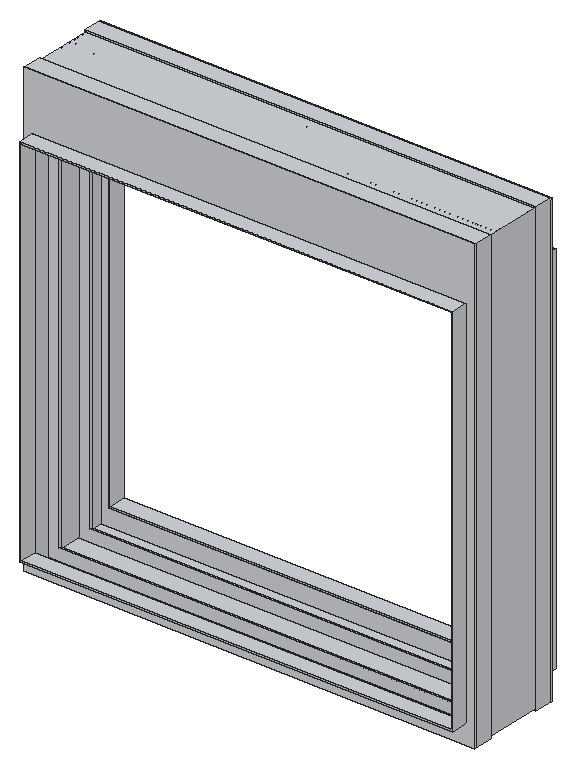
Revit family "FD-ACMH", category Mechanical Equipment, Revit 2015
Parameters
  URL = "https://unitedenertech.com/catalog/pdf/A-18%20%20FD-ACMH.pdf"
  Type Comments = "Max. Sizes are (1-1/2 Hour Rectangular or Oval, Vertical 118\"w x 114\"h, Horizontal 118\"w x 35\"h) (1-1/2 or 3 Hour Round Vertical 54\" Diameter, Horizontal 35\" Diameter) (3 Hour Rectangular or Oval Vertical or Horizontal 75\"w x 35\"h)"
  Model = "FD-ACMH"
  Manufacturer = "United Enertech Corporation"
  Keynote = "Rectangular Transitions Shown, Consult Factory for Models with Round or Oval Transitions"
  Duct Width [instance] = Damper Width - 0' 1"  # 1' - 11"
  Duct Height [instance] = Damper Height - 0' 1" - (if(Damper Height < 1' 10 1/4", 0' 2", if(Damper Height < 2' 11 1/4", 0' 3", if(Damper Height < 3' 10 1/4", 0' 4", if(Damper Height < 4' 0 1/4", 0' 5", 0' 5")))))  # 1' - 8"
  Damper Width = 2' - 0"
  Description = "Caulked Curtain Fire Damper for use in Static Systems"
  Damper Height = 2' - 0"
  Depth = 0' - 5"
  Blade Width [instance] = Damper Width - 0' 0 1/8"  # 1' - 11 7/8"
  Blade Pair Number [instance] = (Damper Height - 0' 0 9/128") / 0' 3 7/8"  # 6
  "B" = if(Damper Height < 1' 10 1/4", 0' 2", if(Damper Height < 2' 11 1/4", 0' 3", if(Damper Height < 3' 10 1/4", 0' 4", if(Damper Height < 4' 0 1/4", 0' 5", 0' 5"))))  # 0' - 3"
Reference planes (in)
  plane 1 "Center (Front/Back)": y = 0
  plane 2: z = 0
  plane 3 "Center (Left/Right)": x = 0
  plane 4: x = -12
  plane 5: x = 12
  plane 6: y = -2.5
  plane 7: y = 2.5
  plane 8: z = 24
  plane 9: x = -11.9641
  plane 10: x = 11.9641
  plane 11: z = 0.0359
  plane 12: z = 23.9641
  plane 13: y = 1.09375
  plane 14: y = -1.09375
  plane 15: y = -0.96875
  plane 16: y = 0.96875
  plane 17: z = 0.6609
  plane 18: x = -11.3391
  plane 19: x = 11.3391
  plane 20: z = 23.3391
  plane 21: z = 21
  plane 22: z = 21.0359
  plane 23: x = -0.25
  plane 24: x = 0.25
  plane 25: z = 12
Forms (in)
  Extrusion 1, solid
    sketch origin (0, 0, 0) x (1, 0, 0) y (0, 0, 1)
      loop
        line (-11.9641, 23.9641) -> (-11.9641, 0.0359) -> (11.9641, 0.0359) -> (11.9641, 23.9641) -> (-11.9641, 23.9641)
      loop
        line (-12, 24) -> (-12, 0) -> (12, 0) -> (12, 24) -> (-12, 24)
    from -2.5 to 2.5
  Extrusion 2, solid
    sketch origin (0, 0, 0) x (1, 0, 0) y (0, 0, 1)
      loop
        line (-11.3391, 23.3391) -> (-11.3391, 0.6609) -> (11.3391, 0.6609) -> (11.3391, 23.3391) -> (-11.3391, 23.3391)
      loop
        line (-11.9641, 23.9641) -> (-11.9641, 0.0359) -> (11.9641, 0.0359) -> (11.9641, 23.9641) -> (-11.9641, 23.9641)
    from 0.96875 to 1.09375
  Extrusion 3, solid
    sketch origin (0, 0, 0) x (1, 0, 0) y (0, 0, 1)
      loop
        line (-11.3391, 23.3391) -> (-11.3391, 0.6609) -> (11.3391, 0.6609) -> (11.3391, 23.3391) -> (-11.3391, 23.3391)
      loop
        line (-11.9641, 23.9641) -> (-11.9641, 0.0359) -> (11.9641, 0.0359) -> (11.9641, 23.9641) -> (-11.9641, 23.9641)
    from -1.09375 to -0.96875
  Extrusion 4, solid
    sketch origin (0, 0, 0) x (0, 1, 0) y (0, 0, 1)
      loop
        line (0.96875, 23.9641) -> (0.93285, 23.9641) -> (0.93285, 21) -> (1.43285, 21) -> (1.43285, 21.45) -> (1.39695, 21.45) -> (1.39695, 21.0359) -> (0.96875, 21.0359) -> (0.96875, 23.9641)
    from -0.25 to 0.25
  Extrusion 5, solid
    sketch origin (0, 0, 0) x (0, -1, 0) y (0, 0, -1)
      loop
        line (0.96875, -23.9641) -> (0.96875, -21.0359) -> (1.39695, -21.0359) -> (1.39695, -21.45) -> (1.43285, -21.45) -> (1.43285, -21) -> (0.93285, -21) -> (0.93285, -23.9641) -> (0.96875, -23.9641)
    from -0.25 to 0.25
Dimensions and locks (in)
  equal spacing: plane 4, plane 3 "Center (Left/Right)", plane 5
  "Damper Width": plane 4 to plane 5
  equal spacing: plane 7, plane 1 "Center (Front/Back)", plane 6
  "Depth": plane 7 to plane 6
  "Damper Height": plane 8 to level
  locked: plane 9 to plane 4 at 0.0359
  locked: plane 5 to plane 10 at 0.0359
  locked: plane 8 to plane 12 at 0.0359
  locked: plane 11 to level at 0.0359
  locked: plane 13 to plane 14 at 2.1875
  locked: plane 15 to plane 14 at 0.125
  locked: plane 13 to plane 16 at 0.125
  locked: plane 18 to plane 9 at 0.625
  locked: plane 10 to plane 19 at 0.625
  locked: plane 17 to plane 11 at 0.625
  locked: plane 12 to plane 20 at 0.625
  ""B"": plane 8 to plane 21
  locked: plane 22 to plane 21 at 0.0359
  equal spacing: group 1, group 2, group 3, group 4, group 5, group 6  (x2)
  equal spacing: group 6, group 5, group 4, group 3, group 2, group 1
  locked: nested 1 to nested 2 at 0.40625
  equal spacing: plane 8, plane 25, level
  aligned and locked: level to plane 2
  aligned and locked: level to Extrusion 1 sketch curve
  aligned and locked: Extrusion 1 sketch curve to plane 4
  aligned and locked: Extrusion 1 sketch curve to plane 5
  aligned and locked: Extrusion 1 sketch curve to plane 8
  aligned and locked: Extrusion 1 sketch curve to plane 12
  aligned and locked: plane 10 to Extrusion 1 sketch curve
  aligned and locked: plane 11 to Extrusion 1 sketch curve
  aligned and locked: plane 9 to Extrusion 1 sketch curve
  aligned and locked: plane 7 to Extrusion 1
  aligned and locked: Extrusion 1 to plane 6
  aligned and locked: plane 11 to Extrusion 2 sketch curve
  aligned and locked: plane 9 to Extrusion 2 sketch curve
  aligned and locked: plane 10 to Extrusion 2 sketch curve
  aligned and locked: Extrusion 2 sketch curve to plane 12
  aligned and locked: Extrusion 2 sketch curve to plane 20
  aligned and locked: Extrusion 2 sketch curve to plane 19
  aligned and locked: plane 17 to Extrusion 2 sketch curve
  aligned and locked: Extrusion 2 sketch curve to plane 18
  aligned and locked: plane 13 to Extrusion 3
  aligned and locked: Extrusion 3 to plane 16
  aligned and locked: plane 15 to Extrusion 2
  aligned and locked: Extrusion 2 to plane 14
  aligned and locked: plane 3 "Center (Left/Right)" to nested 1
  aligned and locked: plane 12 to nested 1
  aligned and locked: plane 21 to Extrusion 4 sketch curve
  aligned and locked: plane 23 to Extrusion 5
  aligned and locked: plane 23 to Extrusion 4
  aligned and locked: plane 24 to Extrusion 5
  aligned and locked: plane 24 to Extrusion 4
  aligned and locked: plane 22 to nested 4
  aligned and locked: plane 3 "Center (Left/Right)" to nested 5
  aligned and locked: nested 5 to plane 6
  aligned and locked: level to nested 5
  aligned and locked: nested 6 to level
Automatic sketch dimensions
  Extrusion 3 sketch curve to plane 9 = 0' - 0"
  Extrusion 3 sketch curve to plane 17 = 0' - 0"
  plane 18 to Extrusion 3 sketch curve = 0' - 0"
  Extrusion 3 sketch curve to plane 19 = 0' - 0"
  plane 10 to Extrusion 3 sketch curve = 0' - 0"
  Extrusion 3 sketch curve to plane 11 = 0' - 0"
  Extrusion 3 sketch curve to plane 20 = 0' - 0"
  Extrusion 3 sketch curve to plane 12 = 0' - 0"
  Extrusion 4 sketch curve to plane 12 = 0' - 0"
  Extrusion 4 sketch curve to plane 16 = 0' - 0"
  plane 22 to Extrusion 4 sketch curve = 0' - 0"
  Extrusion 4 sketch curve to plane 16 = 0' - 0.0359"
  plane 13 to Extrusion 4 sketch curve = 0' - 0.3032"
  Extrusion 4 sketch curve to Extrusion 4 sketch curve = 0' - 0.0359"
  Extrusion 4 sketch curve to plane 22 = 0' - 0.4141"
  Extrusion 5 sketch curve to plane 21 = 0' - 0"
  Extrusion 5 sketch curve to plane 12 = 0' - 0"
  Extrusion 5 sketch curve to plane 15 = 0' - 0"
  plane 22 to Extrusion 5 sketch curve = 0' - 0"
  Extrusion 5 sketch curve to plane 15 = 0' - 0.0359"
  plane 14 to Extrusion 5 sketch curve = 0' - 0.3032"
  Extrusion 5 sketch curve to Extrusion 5 sketch curve = 0' - 0.0359"
  plane 22 to Extrusion 5 sketch curve = 0' - 0.4141"
Nested families (in)
  nested 1: "FD-SALB BLADESEDITED" at (0, 1.17008, 23.12138), type "FD-SALB BLADESEDITED"
  nested 2: "FD-SALB BLADESEDITED" at (0, 1.17008, 22.71513), type "FD-SALB BLADESEDITED"
  nested 3: "FD-SALB BLADESEDITED" at (0, 1.17008, 22.30888), type "FD-SALB BLADESEDITED"
  nested 4: "EFL" at (4.62017, 3.54736, 21.0359), type "EFL"
  nested 5: "Transition" at (0, -2.5, 12), type "Transition"
    with Duct Width 1' - 11", Duct Height 1' - 8", Damper Width 2' - 0", Damper Height 2' - 0"
  nested 6: "Transition" at (0, 2.5, 12), type "Transition"
    with Duct Width 1' - 11", Duct Height 1' - 8", Damper Width 2' - 0", Damper Height 2' - 0"
  nested 7: "FD-SALB BLADESEDITED" at (0, 1.17008, 21.90263), type "FD-SALB BLADESEDITED"
  nested 8: "FD-SALB BLADESEDITED" at (0, 1.17008, 21.49638), type "FD-SALB BLADESEDITED"
  nested 9: "FD-SALB BLADESEDITED" at (0, 1.17008, 21.09013), type "FD-SALB BLADESEDITED"
Definition of nested family "FD-SALB BLADESEDITED"
  Parameters (values of type "FD-SALB BLADESEDITED")
    Blade Width = 1' - 11 7/8"
  Reference planes (in)
    plane 1 "Center (Front/Back)": y = 0
    plane 2: z = 0
    plane 3 "Center (Left/Right)": x = 0
    plane 4: x = -11.9375
    plane 5: x = 11.9375
  Forms (in)
    Extrusion 1, solid
      sketch origin (0, 0, 0) x (0, 1, 0) y (0, 0, 1)
        loop
          line (-0.31672, 0.53073) -> (-0.3446, 0.62657)
          arc (-0.3446, 0.62657) -> (-0.33726, 0.6415) -> (-0.32269, 0.63348) r 0.0115
          line (-0.32269, 0.63348) -> (-0.30545, 0.53536)
          arc (-0.30545, 0.53536) -> (-0.31611, 0.49773) -> (-0.35217, 0.48264) r 0.045
          line (-0.35217, 0.48264) -> (-0.39872, 0.48554)
          arc (-0.39872, 0.48554) -> (-0.42675, 0.49692) -> (-0.44125, 0.52348) r 0.045
          line (-0.44125, 0.52348) -> (-0.47071, 0.66865)
          arc (-0.47071, 0.66865) -> (-0.48965, 0.70349) -> (-0.5262, 0.7189) r 0.06
          line (-0.5262, 0.7189) -> (-1.55698, 0.78305) -> (-1.76244, 0.79584)
          arc (-1.76244, 0.79584) -> (-1.79846, 0.78683) -> (-1.82228, 0.75836) r 0.06
          line (-1.82228, 0.75836) -> (-1.88016, 0.61423)
          arc (-1.88016, 0.61423) -> (-1.90974, 0.57877) -> (-1.95445, 0.56733) r 0.075
          arc (-1.95445, 0.56733) -> (-2.03902, 0.60869) -> (-2.06957, 0.69773) r 0.123
          line (-2.06957, 0.69773) -> (-2.06418, 0.78456)
          arc (-2.06418, 0.78456) -> (-2.05371, 0.80551) -> (-2.03138, 0.81256) r 0.03
          line (-2.03138, 0.81256) -> (-1.90763, 0.80489) -> (-1.90763, 0.8362) -> (-2.01284, 0.84272) -> (-2.04641, 0.84272)
          arc (-2.04641, 0.84272) -> (-2.08042, 0.82292) -> (-2.09536, 0.7865) r 0.06125
          line (-2.09536, 0.7865) -> (-2.10077, 0.69966)
          arc (-2.10077, 0.69966) -> (-2.06244, 0.58801) -> (-1.95639, 0.53614) r 0.15425
          arc (-1.95639, 0.53614) -> (-1.89306, 0.55235) -> (-1.8512, 0.60257) r 0.10625
          line (-1.8512, 0.60257) -> (-1.7933, 0.74674)
          arc (-1.7933, 0.74674) -> (-1.78183, 0.76038) -> (-1.76452, 0.76466) r 0.02875
          line (-1.76452, 0.76466) -> (-1.55892, 0.75186) -> (-0.52813, 0.68773)
          arc (-0.52813, 0.68773) -> (-0.51045, 0.68016) -> (-0.50148, 0.66314) r 0.02875
          line (-0.50148, 0.66314) -> (-0.47199, 0.51784)
          arc (-0.47199, 0.51784) -> (-0.4474, 0.47346) -> (-0.4004, 0.45434) r 0.07625
          line (-0.4004, 0.45434) -> (-0.35398, 0.45144)
          arc (-0.35398, 0.45144) -> (-0.29278, 0.47694) -> (-0.27468, 0.54073) r 0.07625
          line (-0.27468, 0.54073) -> (-0.29191, 0.63889)
          arc (-0.29191, 0.63889) -> (-0.33988, 0.67434) -> (-0.37768, 0.6282) r 0.04327
          line (-0.37768, 0.6282) -> (-0.34677, 0.52199) -> (-0.31672, 0.53073)
      from -11.9375 to 11.9375
    Extrusion 2, solid
      sketch origin (0, 0, 0) x (0, 1, 0) y (0, 0, 1)
        loop
          arc (-0.31635, 0.67497) -> (-0.29361, 0.66856) -> (-0.28256, 0.64768) r 0.03
          line (-0.28256, 0.64768) -> (-0.2714, 0.56286)
          arc (-0.2714, 0.56286) -> (-0.29582, 0.47194) -> (-0.37737, 0.42491) r 0.123
          arc (-0.37737, 0.42491) -> (-0.42275, 0.43328) -> (-0.45469, 0.46664) r 0.075
          line (-0.45469, 0.46664) -> (-0.52225, 0.60648)
          arc (-0.52225, 0.60648) -> (-0.54755, 0.63305) -> (-0.58358, 0.63992) r 0.06
          line (-0.58358, 0.63992) -> (-0.78858, 0.61304) -> (-1.81262, 0.47877)
          arc (-1.81262, 0.47877) -> (-1.84723, 0.46173) -> (-1.86432, 0.42714) r 0.06
          line (-1.86432, 0.42714) -> (-1.88437, 0.27537)
          arc (-1.88437, 0.27537) -> (-1.89734, 0.2499) -> (-1.92301, 0.23735) r 0.045
          line (-1.92301, 0.23735) -> (-1.96868, 0.2314)
          arc (-1.96868, 0.2314) -> (-2.00696, 0.24361) -> (-2.02023, 0.28153) r 0.045
          line (-2.02023, 0.28153) -> (-2.00995, 0.379)
          arc (-2.00995, 0.379) -> (-1.99657, 0.38882) -> (-1.98728, 0.37505) r 0.0115
          line (-1.98728, 0.37505) -> (-2.00879, 0.27676) -> (-1.97772, 0.26996) -> (-1.95543, 0.37179)
          arc (-1.95543, 0.37179) -> (-1.99381, 0.41919) -> (-2.04121, 0.38081) r 0.04313
          line (-2.04121, 0.38081) -> (-2.05127, 0.28509)
          arc (-2.05127, 0.28509) -> (-2.02877, 0.22122) -> (-1.96431, 0.20045) r 0.07625
          line (-1.96431, 0.20045) -> (-1.91897, 0.20638)
          arc (-1.91897, 0.20638) -> (-1.87533, 0.22771) -> (-1.85342, 0.27106) r 0.07625
          line (-1.85342, 0.27106) -> (-1.83333, 0.42305)
          arc (-1.83333, 0.42305) -> (-1.82514, 0.43962) -> (-1.80853, 0.44779) r 0.02875
          line (-1.80853, 0.44779) -> (-0.78452, 0.58205) -> (-0.57967, 0.60892)
          arc (-0.57967, 0.60892) -> (-0.56246, 0.60559) -> (-0.55039, 0.5929) r 0.02875
          line (-0.55039, 0.5929) -> (-0.48278, 0.45303)
          arc (-0.48278, 0.45303) -> (-0.4376, 0.40578) -> (-0.37331, 0.39393) r 0.10625
          arc (-0.37331, 0.39393) -> (-0.27103, 0.4529) -> (-0.24041, 0.56695) r 0.15425
          line (-0.24041, 0.56695) -> (-0.2515, 0.65113)
          arc (-0.2515, 0.65113) -> (-0.27433, 0.69316) -> (-0.32041, 0.70596) r 0.06125
          line (-0.32041, 0.70596) -> (-0.44437, 0.68971) -> (-0.44031, 0.65872) -> (-0.31635, 0.67497)
      from -11.9375 to 11.9375
  Dimensions and locks (in)
    equal spacing: plane 4, plane 3 "Center (Left/Right)", plane 5
    "Blade Width": plane 4 to plane 5
    aligned and locked: level to plane 2
    aligned and locked: plane 4 to Extrusion 1
    aligned and locked: plane 4 to Extrusion 2
    aligned and locked: plane 5 to Extrusion 1
    aligned and locked: plane 5 to Extrusion 2
  Automatic sketch dimensions
    Extrusion 2 sketch curve to Extrusion 2 sketch curve = 0' - 0"  (x35)
    level to Extrusion 2 sketch curve = 0' - 0.28509"
    plane 1 "Center (Front/Back)" to Extrusion 2 sketch curve = 0' - 2.05127"
    level to Extrusion 2 sketch curve = 0' - 0.38081"
    Extrusion 2 sketch curve to Extrusion 2 sketch curve = 0' - 0.01006"
    level to Extrusion 2 sketch curve = 0' - 0.28153"
    Extrusion 2 sketch curve to Extrusion 2 sketch curve = 0' - 0.03105"
    level to Extrusion 2 sketch curve = 0' - 0.27676"
    Extrusion 2 sketch curve to Extrusion 2 sketch curve = 0' - 0.01143"  (x2)
    Extrusion 2 sketch curve to Extrusion 2 sketch curve = 0' - 0.04266"
    Extrusion 2 sketch curve to Extrusion 2 sketch curve = 0' - 0.00023"
    level to Extrusion 2 sketch curve = 0' - 0.26996"
    Extrusion 2 sketch curve to Extrusion 2 sketch curve = 0' - 0.03107"
    Extrusion 2 sketch curve to Extrusion 2 sketch curve = 0' - 0.00213"
    level to Extrusion 2 sketch curve = 0' - 0.2314"
    Extrusion 2 sketch curve to Extrusion 2 sketch curve = 0' - 0.00904"
    level to Extrusion 2 sketch curve = 0' - 0.20045"
    level to Extrusion 2 sketch curve = 0' - 0.37179"
    Extrusion 2 sketch curve to Extrusion 2 sketch curve = 0' - 0.0467"
    level to Extrusion 2 sketch curve = 0' - 0.27537"
    Extrusion 2 sketch curve to Extrusion 2 sketch curve = 0' - 0.04451"
    level to Extrusion 2 sketch curve = 0' - 0.27106"
    Extrusion 2 sketch curve to Extrusion 2 sketch curve = 0' - 0.03095"
    Extrusion 2 sketch curve to Extrusion 2 sketch curve = 0' - 0.0486"
    plane 1 "Center (Front/Back)" to Extrusion 2 sketch curve = 0' - 0.78452"
    Extrusion 2 sketch curve to Extrusion 2 sketch curve = 0' - 0.20094"
    Extrusion 2 sketch curve to Extrusion 2 sketch curve = 0' - 0 1/256"  (x2)
    Extrusion 2 sketch curve to Extrusion 2 sketch curve = 0' - 0.0034"
    Extrusion 2 sketch curve to Extrusion 2 sketch curve = 0' - 0.13921"
    Extrusion 2 sketch curve to Extrusion 2 sketch curve = 0' - 0.00406"  (x3)
    Extrusion 2 sketch curve to Extrusion 2 sketch curve = 0' - 0.04695"
    Extrusion 2 sketch curve to Extrusion 2 sketch curve = 0' - 0.00624"
    Extrusion 2 sketch curve to Extrusion 2 sketch curve = 0' - 0.0809"
    Extrusion 2 sketch curve to Extrusion 2 sketch curve = 0' - 0.0299"
    Extrusion 2 sketch curve to Extrusion 2 sketch curve = 0' - 0.03106"
    Extrusion 2 sketch curve to Extrusion 2 sketch curve = 0' - 0.00661"
    Extrusion 2 sketch curve to Extrusion 2 sketch curve = 0' - 0.00119"
    Extrusion 2 sketch curve to Extrusion 2 sketch curve = 0' - 0.14822"
    level to Extrusion 2 sketch curve = 0' - 0.49927"
    Extrusion 2 sketch curve to Extrusion 2 sketch curve = 0' - 0.04759"
    Extrusion 2 sketch curve to Extrusion 2 sketch curve = 0' - 0.0335"
    Extrusion 2 sketch curve to Extrusion 2 sketch curve = 0' - 0.00168"
    Extrusion 2 sketch curve to Extrusion 2 sketch curve = 0' - 0.02855"
    Extrusion 2 sketch curve to Extrusion 2 sketch curve = 0' - 0.031"
    Extrusion 2 sketch curve to Extrusion 2 sketch curve = 0' - 0.09835"
    Extrusion 2 sketch curve to Extrusion 2 sketch curve = 0' - 0.00246"
    Extrusion 2 sketch curve to Extrusion 2 sketch curve = 0' - 0.00345"
    Extrusion 2 sketch curve to Extrusion 2 sketch curve = 0' - 0.11186"
    Extrusion 2 sketch curve to Extrusion 2 sketch curve = 0' - 0.03098"  (x3)
    level to Extrusion 2 sketch curve = 0' - 0.37898"
    Extrusion 2 sketch curve to Extrusion 2 sketch curve = 0' - 0.00003"  (x4)
    Extrusion 2 sketch curve to Extrusion 2 sketch curve = 0' - 0.01101"
    level to Extrusion 2 sketch curve = 0' - 0.37505"
    Extrusion 2 sketch curve to Extrusion 2 sketch curve = 0' - 0.00585"
    level to Extrusion 2 sketch curve = 0' - 0.23735"
    Extrusion 2 sketch curve to Extrusion 2 sketch curve = 0' - 0.00404"
    level to Extrusion 2 sketch curve = 0' - 0.20636"
    level to Extrusion 2 sketch curve = 0' - 0.42714"
    Extrusion 2 sketch curve to Extrusion 2 sketch curve = 0' - 0.0595"
    level to Extrusion 2 sketch curve = 0' - 0.42305"
    Extrusion 2 sketch curve to Extrusion 2 sketch curve = 0' - 0.02852"
    Extrusion 2 sketch curve to Extrusion 2 sketch curve = 0' - 0.0207"
    level to Extrusion 2 sketch curve = 0' - 0.47878"
    Extrusion 2 sketch curve to Extrusion 2 sketch curve = 0' - 0.00374"
    level to Extrusion 2 sketch curve = 0' - 0.44779"
    Extrusion 2 sketch curve to Extrusion 2 sketch curve = 0' - 0.02588"
    Extrusion 2 sketch curve to Extrusion 2 sketch curve = 0' - 0.02814"
    Extrusion 2 sketch curve to Extrusion 2 sketch curve = 0' - 0.0957"
    Extrusion 2 sketch curve to Extrusion 2 sketch curve = 0' - 0.00004"  (x2)
    Extrusion 2 sketch curve to Extrusion 2 sketch curve = 0' - 0.02809"
    Extrusion 2 sketch curve to Extrusion 2 sketch curve = 0' - 0.00975"
    Extrusion 2 sketch curve to Extrusion 2 sketch curve = 0' - 0.00796"
    Extrusion 2 sketch curve to Extrusion 2 sketch curve = 0' - 0.01116"
    Extrusion 2 sketch curve to Extrusion 2 sketch curve = 0' - 0.00002"
    Extrusion 1 sketch curve to Extrusion 1 sketch curve = 0' - 0"  (x30)
    level to Extrusion 1 sketch curve = 0' - 0.7827"
    plane 1 "Center (Front/Back)" to Extrusion 1 sketch curve = 0' - 2.03423"
    Extrusion 1 sketch curve to Extrusion 1 sketch curve = 0' - 0.00284"
    Extrusion 1 sketch curve to Extrusion 1 sketch curve = 0' - 0.01854"
    Extrusion 1 sketch curve to Extrusion 1 sketch curve = 0' - 0.08443"
    Extrusion 1 sketch curve to Extrusion 1 sketch curve = 0' - 0.00298"
    Extrusion 1 sketch curve to Extrusion 1 sketch curve = 0' - 0.03918"
    Extrusion 1 sketch curve to Extrusion 1 sketch curve = 0' - 0.14102"
    level to Extrusion 1 sketch curve = 0' - 0.76466"
    Extrusion 1 sketch curve to Extrusion 1 sketch curve = 0' - 0.00209"
    level to Extrusion 1 sketch curve = 0' - 0.79584"
    Extrusion 1 sketch curve to Extrusion 1 sketch curve = 0' - 0.00208"  (x2)
    level to Extrusion 1 sketch curve = 0' - 0.75186"
    Extrusion 1 sketch curve to Extrusion 1 sketch curve = 0' - 0.2056"
    Extrusion 1 sketch curve to Extrusion 1 sketch curve = 0' - 0.00194"  (x2)
    plane 1 "Center (Front/Back)" to Extrusion 1 sketch curve = 0' - 0.52993"
    Extrusion 1 sketch curve to Extrusion 1 sketch curve = 0' - 0.02845"
    Extrusion 1 sketch curve to Extrusion 1 sketch curve = 0' - 0.02949"
    Extrusion 1 sketch curve to Extrusion 1 sketch curve = 0' - 0.03077"  (x2)
    Extrusion 1 sketch curve to Extrusion 1 sketch curve = 0' - 0.03074"
    Extrusion 1 sketch curve to Extrusion 1 sketch curve = 0' - 0.04085"
    Extrusion 1 sketch curve to Extrusion 1 sketch curve = 0' - 0.00168"
    Extrusion 1 sketch curve to Extrusion 1 sketch curve = 0' - 0.04445"
    Extrusion 1 sketch curve to Extrusion 1 sketch curve = 0' - 0.01912"
    Extrusion 1 sketch curve to Extrusion 1 sketch curve = 0' - 0.04641"
    Extrusion 1 sketch curve to Extrusion 1 sketch curve = 0' - 0.00182"
    Extrusion 1 sketch curve to Extrusion 1 sketch curve = 0' - 0.00238"
    Extrusion 1 sketch curve to Extrusion 1 sketch curve = 0' - 0.00302"
    Extrusion 1 sketch curve to Extrusion 1 sketch curve = 0' - 0.03307"
    Extrusion 1 sketch curve to Extrusion 1 sketch curve = 0' - 0.01008"
    Extrusion 1 sketch curve to Extrusion 1 sketch curve = 0' - 0.00072"
    Extrusion 1 sketch curve to Extrusion 1 sketch curve = 0' - 0.01112"
    Extrusion 1 sketch curve to Extrusion 1 sketch curve = 0' - 0.03006"
    Extrusion 1 sketch curve to Extrusion 1 sketch curve = 0' - 0.03078"
    Extrusion 1 sketch curve to Extrusion 1 sketch curve = 0' - 0.02867"
    Extrusion 1 sketch curve to Extrusion 1 sketch curve = 0' - 0.09261"
    level to Extrusion 1 sketch curve = 0' - 0.66865"
    Extrusion 1 sketch curve to Extrusion 1 sketch curve = 0' - 0.00551"
    Extrusion 1 sketch curve to Extrusion 1 sketch curve = 0' - 0.00412"
    Extrusion 1 sketch curve to Extrusion 1 sketch curve = 0' - 0.04791"
    Extrusion 1 sketch curve to Extrusion 1 sketch curve = 0' - 0.02976"
    Extrusion 1 sketch curve to Extrusion 1 sketch curve = 0' - 0.00541"
    Extrusion 1 sketch curve to Extrusion 1 sketch curve = 0' - 0.00087"
    Extrusion 1 sketch curve to Extrusion 1 sketch curve = 0' - 0.00852"
    Extrusion 1 sketch curve to Extrusion 1 sketch curve = 0' - 0.00559"
    Extrusion 1 sketch curve to Extrusion 1 sketch curve = 0' - 0.00702"
    Extrusion 1 sketch curve to Extrusion 1 sketch curve = 0' - 0.00564"
    Extrusion 1 sketch curve to Extrusion 1 sketch curve = 0' - 0.03935"
    Extrusion 1 sketch curve to Extrusion 1 sketch curve = 0' - 0.0312"
    Extrusion 1 sketch curve to Extrusion 1 sketch curve = 0' - 0.03119"
    Extrusion 1 sketch curve to Extrusion 1 sketch curve = 0' - 0.1148"
    Extrusion 1 sketch curve to Extrusion 1 sketch curve = 0' - 0.03131"
    Extrusion 1 sketch curve to Extrusion 1 sketch curve = 0' - 0.02994"
    level to Extrusion 1 sketch curve = 0' - 0.78456"
    Extrusion 1 sketch curve to Extrusion 1 sketch curve = 0' - 0.00539"
    level to Extrusion 1 sketch curve = 0' - 0.69772"
    Extrusion 1 sketch curve to Extrusion 1 sketch curve = 0' - 0.03117"
    Extrusion 1 sketch curve to Extrusion 1 sketch curve = 0' - 0.03118"
    level to Extrusion 1 sketch curve = 0' - 0.69966"
    Extrusion 1 sketch curve to Extrusion 1 sketch curve = 0' - 0.03357"
    Extrusion 1 sketch curve to Extrusion 1 sketch curve = 0' - 0.0066"
    Extrusion 1 sketch curve to Extrusion 1 sketch curve = 0' - 0.06959"
    level to Extrusion 1 sketch curve = 0' - 0.61423"
    Extrusion 1 sketch curve to Extrusion 1 sketch curve = 0' - 0.00004"  (x2)
    Extrusion 1 sketch curve to Extrusion 1 sketch curve = 0' - 0.02896"
    level to Extrusion 1 sketch curve = 0' - 0.60259"
    level to Extrusion 1 sketch curve = 0' - 0.75838"
    Extrusion 1 sketch curve to Extrusion 1 sketch curve = 0' - 0.05778"
    level to Extrusion 1 sketch curve = 0' - 0.74674"
    Extrusion 1 sketch curve to Extrusion 1 sketch curve = 0' - 0.02669"
    Extrusion 1 sketch curve to Extrusion 1 sketch curve = 0' - 0.00179"
    Extrusion 1 sketch curve to Extrusion 1 sketch curve = 0' - 0.00193"
    Extrusion 1 sketch curve to Extrusion 1 sketch curve = 0' - 0.01125"
    Extrusion 1 sketch curve to Extrusion 1 sketch curve = 0' - 0.00003"
    Extrusion 1 sketch curve to Extrusion 1 sketch curve = 0' - 0.05622"
    Extrusion 1 sketch curve to Extrusion 1 sketch curve = 0' - 0.03016"
Definition of nested family "EFL"
  Reference planes (in)
    plane 1 "Center (Front/Back)": y = 0
    plane 2: z = 0
    plane 3 "Center (Left/Right)": x = 0
  Forms (in)
    Extrusion 1, solid
      sketch origin (0, 0, 0) x (1, 0, 0) y (0, 1, 0)
        loop
          arc (-4.87017, -4.05324) -> (-4.81525, -4.18582) -> (-4.68267, -4.24074) r 0.1875
          line (-4.68267, -4.24074) -> (-4.55767, -4.24074)
          arc (-4.55767, -4.24074) -> (-4.42508, -4.18582) -> (-4.37017, -4.05324) r 0.1875
          line (-4.37017, -4.05324) -> (-4.37017, -3.41574) -> (-4.87017, -3.41574) -> (-4.87017, -4.05324)
        loop
          circle (-4.62017, -4.05324) r 0.0625
      from 0.1 to 0.05
    Extrusion 2, solid
      sketch origin (-9.24033, -7.08147, 0) x (-1, 0, 0) y (0, -1, 0)
        loop
          arc (-4.87017, -4.05324) -> (-4.81525, -4.18582) -> (-4.68267, -4.24074) r 0.1875
          line (-4.68267, -4.24074) -> (-4.55767, -4.24074)
          arc (-4.55767, -4.24074) -> (-4.42508, -4.18582) -> (-4.37017, -4.05324) r 0.1875
          line (-4.37017, -4.05324) -> (-4.37017, -3.41574) -> (-4.87017, -3.41574) -> (-4.87017, -4.05324)
        loop
          circle (-4.62017, -4.05324) r 0.0625
      from 0 to 0.05
    Sweep 3, solid
      path in 3D
        loop
          line (-4.62017, -4.16421, 0) -> (-4.62017, -4.22608, 0)
          arc (-4.62017, -4.22608, 0) -> (-4.65678, -4.31447, 0) -> (-4.74517, -4.35108, 0) r 0.125
          line (-4.74517, -4.35108, 0) -> (-4.92568, -4.35108, 0)
          arc (-4.92568, -4.35108, 0) -> (-5.02859, -4.454, 0) -> (-4.92568, -4.55691, 0) r 0.10291
          line (-4.92568, -4.55691, 0) -> (-4.62017, -4.55691, 0) -> (-4.31465, -4.55691, 0)
          arc (-4.31465, -4.55691, 0) -> (-4.21174, -4.454, 0) -> (-4.31465, -4.35108, 0) r 0.10291
          line (-4.31465, -4.35108, 0) -> (-4.58427, -4.35108, 0)
      profile origin (-4.62017, -4.19515, 0) x (1, 0, 0) y (0, 0, 1)
        loop
          circle (0, 0) r 0.03202
    Sweep 4, solid
      path in 3D
        loop
          line (-4.62017, -4.283, 0.1526) -> (-4.62017, -4.12297, 0.1526)
          arc (-4.62017, -4.12297, 0.1526) -> (-4.62017, -4.04635, 0.07598) -> (-4.62017, -4.12297, -0.00063) r 0.07662
          line (-4.62017, -4.12297, -0.00063) -> (-4.62017, -4.16421, -0.00063)
      profile origin (-4.62017, -4.14359, -0.00063) x (0, 0, -1) y (1, 0, 0)
        loop
          circle (0, 0) r 0.03138
    Sweep 5, solid
      path in 3D
        loop
          line (-4.62017, -2.91726, 0) -> (-4.62017, -2.85539, 0)
          arc (-4.62017, -2.85539, 0) -> (-4.65678, -2.767, 0) -> (-4.74517, -2.73039, 0) r 0.125
          line (-4.74517, -2.73039, 0) -> (-4.92568, -2.73039, 0)
          arc (-4.92568, -2.73039, 0) -> (-5.02859, -2.62747, 0) -> (-4.92568, -2.52456, 0) r 0.10291
          line (-4.92568, -2.52456, 0) -> (-4.62017, -2.52456, 0) -> (-4.31465, -2.52456, 0)
          arc (-4.31465, -2.52456, 0) -> (-4.21174, -2.62747, 0) -> (-4.31465, -2.73039, 0) r 0.10291
          line (-4.31465, -2.73039, 0) -> (-4.58427, -2.73039, 0)
      profile origin (-4.62017, -2.88633, 0) x (-1, 0, 0) y (0, 0, 1)
        loop
          circle (0, 0) r 0.03202
    Sweep 6, solid
      path in 3D
        loop
          line (-4.62017, -2.79848, 0.1526) -> (-4.62017, -2.95851, 0.1526)
          arc (-4.62017, -2.95851, 0.1526) -> (-4.62017, -3.03512, 0.07598) -> (-4.62017, -2.95851, -0.00063) r 0.07662
          line (-4.62017, -2.95851, -0.00063) -> (-4.62017, -2.91726, -0.00063)
      profile origin (-4.62017, -2.93788, -0.00063) x (0, 0, 1) y (1, 0, 0)
        loop
          circle (0, 0) r 0.03138
  Lines and regions (in)
    sketch lines
      curve 1: line (-4.62017, -4.16421, 0) -> (-4.62017, -4.22608, 0)
      curve 2: arc (-4.74517, -4.35108, 0) -> (-4.65678, -4.31447, 0) -> (-4.62017, -4.22608, 0) r 0.125
      curve 3: line (-4.74517, -4.35108, 0) -> (-4.92568, -4.35108, 0)
      curve 4: arc (-4.92568, -4.35108, 0) -> (-5.02859, -4.454, 0) -> (-4.92568, -4.55691, 0) r 0.10291
      curve 5: line (-4.62017, -4.55691, 0) -> (-4.92568, -4.55691, 0)
      curve 6: line (-4.62017, -4.55691, 0) -> (-4.31465, -4.55691, 0)
      curve 7: arc (-4.31465, -4.55691, 0) -> (-4.21174, -4.454, 0) -> (-4.31465, -4.35108, 0) r 0.10291
      curve 8: line (-4.58427, -4.35108, 0) -> (-4.31465, -4.35108, 0)
      curve 9: line (-4.62017, -4.12297, -0.00063) -> (-4.62017, -4.16421, -0.00063)
      curve 10: arc (-4.62017, -4.12297, -0.00063) -> (-4.62017, -4.04635, 0.07598) -> (-4.62017, -4.12297, 0.1526) r 0.07662
      curve 11: line (-4.62017, -4.12297, 0.1526) -> (-4.62017, -4.283, 0.1526)
      curve 12: line (-4.62017, -2.91726, 0) -> (-4.62017, -2.85539, 0)
      curve 13: arc (-4.74517, -2.73039, 0) -> (-4.65678, -2.767, 0) -> (-4.62017, -2.85539, 0) r 0.125
      curve 14: line (-4.74517, -2.73039, 0) -> (-4.92568, -2.73039, 0)
      curve 15: arc (-4.92568, -2.73039, 0) -> (-5.02859, -2.62747, 0) -> (-4.92568, -2.52456, 0) r 0.10291
      curve 16: line (-4.62017, -2.52456, 0) -> (-4.92568, -2.52456, 0)
      curve 17: line (-4.62017, -2.52456, 0) -> (-4.31465, -2.52456, 0)
      curve 18: arc (-4.31465, -2.52456, 0) -> (-4.21174, -2.62747, 0) -> (-4.31465, -2.73039, 0) r 0.10291
      curve 19: line (-4.58427, -2.73039, 0) -> (-4.31465, -2.73039, 0)
      curve 20: line (-4.62017, -2.95851, -0.00063) -> (-4.62017, -2.91726, -0.00063)
      curve 21: arc (-4.62017, -2.95851, -0.00063) -> (-4.62017, -3.03512, 0.07598) -> (-4.62017, -2.95851, 0.1526) r 0.07662
      curve 22: line (-4.62017, -2.95851, 0.1526) -> (-4.62017, -2.79848, 0.1526)
  Dimensions and locks (in)
    aligned and locked: level to plane 2
Definition of nested family "Transition"
  Parameters (values of type "Transition")
    Duct Width = 2' - 0"
    Duct Height = 2' - 0"
    Damper Width = 3' - 0"
    Damper Height = 3' - 0"
  Reference planes (in)
    plane 1 "Center (Front/Back)": y = 0
    plane 2: z = 0
    plane 3 "Center (Left/Right)": x = 0
    plane 4: z = -18
    plane 5: z = 18
    plane 6: x = -18
    plane 7: x = 18
    plane 8: x = -18.06
    plane 9: z = 18.06
    plane 10: x = 18.06
    plane 11: z = -18.06
    plane 12: x = -12
    plane 13: z = 7
    plane 14: z = -17
    plane 15: x = 12
    plane 16: x = -12.06
    plane 17: z = 7.06
    plane 18: z = -17.06
    plane 19: x = 12.06
    plane 20: y = 1
    plane 21: y = -0.935
    plane 22: y = -0.06
  Forms (in)
    Extrusion 1, solid
      sketch origin (0, 0, 0) x (1, 0, 0) y (0, 0, 1)
        loop
          line (-18, 18) -> (-18, -18) -> (18, -18) -> (18, 18) -> (-18, 18)
        loop
          line (-18.06, 18.06) -> (-18.06, -18.06) -> (18.06, -18.06) -> (18.06, 18.06) -> (-18.06, 18.06)
      from -1 to 0
    Extrusion 2, solid
      sketch origin (0, 0, 0) x (1, 0, 0) y (0, 0, 1)
        loop
          line (-12.06, 7.06) -> (-12.06, -17.06) -> (12.06, -17.06) -> (12.06, 7.06) -> (-12.06, 7.06)
        loop
          line (-18.06, 18.06) -> (-18.06, -18.06) -> (18.06, -18.06) -> (18.06, 18.06) -> (-18.06, 18.06)
      from 0 to 0.06
    Extrusion 3, solid
      sketch origin (0, 0, 0) x (1, 0, 0) y (0, 0, 1)
        loop
          line (-12.06, 7.06) -> (-12.06, -17.06) -> (12.06, -17.06) -> (12.06, 7.06) -> (-12.06, 7.06)
        loop
          line (-12, 7) -> (-12, -17) -> (12, -17) -> (12, 7) -> (-12, 7)
      from 0 to 0.935
  Dimensions and locks (in)
    equal spacing: plane 7, plane 3 "Center (Left/Right)", plane 6
    "Damper Width": plane 7 to plane 6
    equal spacing: plane 5, level, plane 4
    "Damper Height": plane 5 to plane 4
    locked: plane 9 to plane 5 at 0.06
    locked: plane 8 to plane 6 at 0.06
    locked: plane 7 to plane 10 at 0.06
    locked: plane 4 to plane 11 at 0.06
    equal spacing: plane 12, plane 3 "Center (Left/Right)", plane 15
    "Duct Width": plane 12 to plane 15
    locked: plane 14 to plane 4 at 1
    "Duct Height": plane 13 to plane 14
    locked: plane 16 to plane 12 at 0.06
    locked: plane 15 to plane 19 at 0.06
    locked: plane 14 to plane 18 at 0.06
    locked: plane 17 to plane 13 at 0.06
    locked: plane 20 to plane 1 "Center (Front/Back)" at 1
    locked: plane 22 to plane 1 "Center (Front/Back)" at 0.06
    locked: plane 22 to plane 21 at 0.875
    aligned and locked: level to plane 2
    aligned and locked: Extrusion 1 sketch curve to plane 8
    aligned and locked: Extrusion 1 sketch curve to plane 10
    aligned and locked: Extrusion 1 sketch curve to plane 11
    aligned and locked: Extrusion 1 sketch curve to plane 9
    aligned and locked: Extrusion 1 sketch curve to plane 5
    aligned and locked: Extrusion 1 sketch curve to plane 6
    aligned and locked: Extrusion 1 sketch curve to plane 7
    aligned and locked: plane 4 to Extrusion 1 sketch curve
    aligned and locked: plane 20 to Extrusion 1
    aligned and locked: plane 1 "Center (Front/Back)" to Extrusion 1
    aligned and locked: Extrusion 2 sketch curve to plane 8
    aligned and locked: Extrusion 2 sketch curve to plane 10
    aligned and locked: Extrusion 2 sketch curve to plane 9
    aligned and locked: Extrusion 2 sketch curve to plane 11
    aligned and locked: plane 18 to Extrusion 2 sketch curve
    aligned and locked: Extrusion 2 sketch curve to plane 16
    aligned and locked: Extrusion 2 sketch curve to plane 17
    aligned and locked: Extrusion 2 sketch curve to plane 19
    aligned and locked: Extrusion 2 to plane 1 "Center (Front/Back)"
    aligned and locked: Extrusion 2 to plane 22
    aligned and locked: Extrusion 3 sketch curve to plane 16
    aligned and locked: Extrusion 3 sketch curve to plane 17
    aligned and locked: Extrusion 3 sketch curve to plane 19
    aligned and locked: plane 18 to Extrusion 3 sketch curve
    aligned and locked: plane 15 to Extrusion 3 sketch curve
    aligned and locked: plane 14 to Extrusion 3 sketch curve
    aligned and locked: Extrusion 3 sketch curve to plane 12
    aligned and locked: Extrusion 3 sketch curve to plane 13
    aligned and locked: Extrusion 3 to plane 1 "Center (Front/Back)"
    aligned and locked: Extrusion 3 to plane 21
